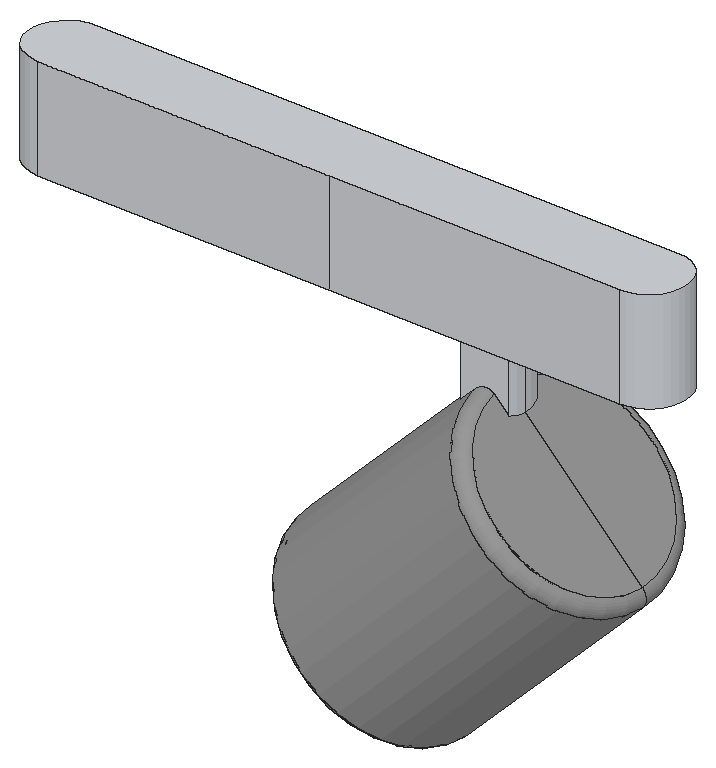
Revit family "IVLB_L4U_LF_Track Spot - EDDA S", category Lighting Fixtures, Revit 2019
Family settings
  Round Connector Dimension = Use Diameter
  Part Type = Normal
  Work Plane-Based = No
  Always vertical = No
  Cut with Voids When Loaded = No
  Light Source = No
  Shared = No
  Room Calculation Point = No
Parameters (values of type "EDDA S 1450lm_930 14W 15deg")
  ⌂ Powered by IVLibrary = "www.ivlibrary.com"
  Wattage Comments = "14W"
  URL = "https://light4u.io/product/track-luminaires/edda-s/"
  Type Comments = "Edda S"
  Track_Spot_Position_UD = 41 mm
  Track Adapter_Width = 29 mm
  Track Adapter_Length = 228 mm
  Track Adapter_Height = 30 mm
  Symbol_ToScale [instance] = not(Symbol_RealSize)  # no
  Symbol_RealSize [instance] = yes
  Switch Code [instance] = ""
  Track_Spot_Diameter = 85 mm
  Track_Spot_Length = 104 mm
  Track_Spot_Position_LR = 55 mm
  Rotation_Y-Axis [instance] = 45.00°
  Rotation_X-Axis [instance] = 0.00°
  Model = "Track Spot Edda S"
  Manufacturer = "Light4U"
  Luminaire Code = ""
  Light Source = Lightsource S : EDDA S 1450lm_930 14W 15deg_LDT
  Lamp = "LED"
  IfcExportType = "POINTSOURCE"
  IfcExportAs = "IfcLightFixtureType"
  Description = "Track Spot Edda S"
  built-in parameter 1140040 [instance] = 1
  Calc_Coupling_Length = Track_Spot_Position_UD  # 41 mm
  Assembly Code = "63.00"
  Article Number = ""
  Apparent Load = 14 VA
Types (9, lengths in mm): name | Wattage Comments | Track_Spot_Position_UD | Light Source | Calc_Coupling_Length | Apparent Load
  (no name) | "14W" | 41 | Lightsource S : EDDA S 1450lm_930 14W 15deg_LDT | 41 | 14 VA
  EDDA S 1450lm_930 14W 15deg | "14W" | 41 | Lightsource S : EDDA S 1450lm_930 14W 15deg_LDT | 41 | 14 VA
  EDDA S 1450lm_930 14W 24deg | "14W" | 41.25 | Lightsource S : EDDA S 1450lm_930 14W 24deg_LDT | 41.25 | 14 VA
  EDDA S 1450lm_930 14W 45deg | "14W" | 41.25 | Lightsource S : EDDA S 1450lm_930 14W 45deg_LDT | 41.25 | 14 VA
  EDDA S 1450lm_930 14W 55deg | "14W" | 41.25 | Lightsource S : EDDA S 1450lm_930 14W 55deg_LDT | 41.25 | 14 VA
  EDDA S 2000lm_930 18.5W 15deg | "18.5W" | 41.25 | Lightsource S : EDDA S 2000lm_930 18.5W 15deg_LDT | 41.25 | 18.5 VA
  EDDA S 2000lm_930 18.5W 24deg | "18.5W" | 41.25 | Lightsource S : EDDA S 2000lm_930 18.5W 24deg_LDT | 41.25 | 18.5 VA
  EDDA S 2000lm_930 18.5W 45deg | "18.5W" | 41.25 | Lightsource S : EDDA S 2000lm_930 18.5W 45deg_LDT | 41.25 | 18.5 VA
  EDDA S 2000lm_930 18.5W 55deg | "18.5W" | 45 | Lightsource S : EDDA S 2000lm_930 18.5W 55deg_LDT | 45 | 18.5 VA
Reference planes
  plane 1 "Center (Front/Back)": y = 0
  plane 2: z = 0
  plane 3 "Center (Left/Right)": x = 0
  plane 4: x = 0.044
Forms (mm)
  Extrusion 1, solid
    sketch origin (0, 0, 0) x (1, 0, 0) y (0, 1, 0)
      loop
        line (0, 14.5) -> (-113.956, 14.5)
        arc (-113.956, 14.5) -> (-128.456, 0) -> (-113.956, -14.5) r 14.5
        line (-113.956, -14.5) -> (0, -14.5) -> (114.044, -14.5)
        arc (114.044, -14.5) -> (128.544, 0) -> (114.044, 14.5) r 14.5
        line (114.044, 14.5) -> (0, 14.5)
    from -10 to 30
Lines and regions (mm)
  symbolic lines, visible <- "Symbol_RealSize"
    curve 1: circle (55.044, 0, 0) r 42.5 normal (0, 0, 1)
Dimensions and locks
  equal spacing: Extrusion 1 sketch curve, plane 1 "Center (Front/Back)", Extrusion 1 sketch curve
  "Track Adapter_Width": Extrusion 1 sketch curve to Extrusion 1 sketch curve
  "Track Adapter_Length": Extrusion 1 sketch curve to Extrusion 1 sketch curve
  equal spacing: Extrusion 1 sketch curve, plane 4, Extrusion 1 sketch curve
  locked: level to Extrusion 1 at 10
  "Track Adapter_Height": Extrusion 1 to level
  "Track_Spot_Position_LR": nested 2 to plane 3 "Center (Left/Right)"
  "Track_Spot_Position_LR": plane 3 "Center (Left/Right)" to nested 1
  "Track_Spot_Position_LR": plane 4 to curve 1
  "Track_Spot_Position_LR": plane 4 to nested 3
  aligned and locked: level to plane 2
  aligned and locked: level to nested 1
  aligned and locked: nested 1 to nested 2
Automatic sketch dimensions
  plane 1 "Center (Front/Back)" to curve 1 = 0 mm
  Extrusion 1 sketch curve to plane 3 "Center (Left/Right)" = 0 mm  (x2)
  radius of curve 1 = 42.5 mm
Nested families
  nested 1: "Track_360_Rotation" at (55, -0.071, 0) x (-1, 0, 0) z (0, 0, 1), Coupling_Length <- "Track_Spot_Position_UD", type "LightLine_Spot_Coupling_Rotation"
    with Coupling_Length 41 mm
  nested 2: "Track_Spot_Aim S" at (55, -0.071, -41), Length <- "Track_Spot_Length", Width <- "Track_Spot_Diameter", Rotation_Spot <- "Rotation_Y-Axis", type "Track Spot Geometry"
    with Width 85 mm, Rotation_Spot 45.00°, Rotation point no, Rotaion_Max 45.00°, Length 104 mm, Calc_Length 84 mm
  nested 3: "Ø85 Symbol" at (55.044, 0, 0) x (0, 1, 0) z (0, 0, 1), visible <- "Symbol_ToScale", type "Ø85 Symbol"
    with Orientation Arrow no
  nested 4: "Lightsource S" at (25.44, 0.012, -115.375) x (0, 1, 0) z (0.7071, 0, 0.7071), type <- "Light Source", type "EDDA S 1450lm_930 14W 15deg_LDT"
Connectors
  electrical at (0, 0, 0), driven by "Apparent Load"
    settings: index 1, voltage 230 V, apparent load 0 VA, apparent load phase1 14 VA, apparent load phase2 0 VA, apparent load phase3 0 VA, power factor 1, load classification "Other", number of poles 1, system type 31, power factor state 1, is connector primary yes, connector utility no, sub classification motor no, connector description ""
Definition of nested family "Track_360_Rotation"
  Parameters (values of type "LightLine_Spot_Coupling_Rotation")
    Rotation_Coupling = 0.00°
    Coupling_Length [instance] = 30.686 mm
  Reference planes
    plane 1 "Center (Front/Back)": y = 0
    plane 2: z = 0
    plane 3 "Center (Left/Right)": x = 0
  Lines and regions (mm)
    reference lines
      curve 1: line (0, 0, 1060) -> (205, 0, 1060)
      curve 2: line (0, 0, 0) -> (0, 0, -30.686)
  Dimensions and locks
    "Rotation_Coupling": angle plane 1 "Center (Front/Back)" to curve 1
    aligned and locked: level to plane 2
    aligned and locked: plane 3 "Center (Left/Right)" to curve 1
    aligned and locked: plane 1 "Center (Front/Back)" to curve 1
  Automatic sketch dimensions
    curve 2 to plane 3 "Center (Left/Right)" = 0 mm
    curve 2 to level = 0 mm
    curve 2 to level = 30.686 mm
  Nested families
    nested 1: "LightLine_Spot_Coupling" at (0, 0, 0) x (0, -1, 0) z (0, 0, 1), Coupling length <- "Coupling_Length", type "LightLine_Spot_Coupling"
  Definition of nested family "LightLine_Spot_Coupling"
    Parameters (values of type "LightLine_Spot_Coupling")
      Default Elevation = 1219.2 mm
      Coupling length [instance] = 30.686 mm
    Reference planes
      plane 1 "Center (Front/Back)": y = 0
      plane 2: z = 0
      plane 3 "Center (Left/Right)": x = 0
    Forms (mm)
      Extrusion 1, solid
        sketch origin (0, -9.419, 0) x (1, 0, 0) y (0, 1, 0)
          loop
            arc (0, 20) -> (-3.473, 19.696) -> (-6.84, 18.794) r 20
            line (-6.84, 18.794) -> (-6.84, -0.044)
            arc (-6.84, -0.044) -> (-3.473, -0.946) -> (0, -1.25) r 20
            arc (0, -1.25) -> (3.473, -0.946) -> (6.84, -0.044) r 20
            line (6.84, -0.044) -> (6.84, 18.794)
            arc (6.84, 18.794) -> (3.473, 19.696) -> (0, 20) r 20
        from -30.686 to 0
    Dimensions and locks
      "Coupling length": Extrusion 1 to level
      aligned and locked: level to plane 2
      aligned and locked: level to Extrusion 1
    Automatic sketch dimensions
      Extrusion 1 sketch curve to Extrusion 1 sketch curve = 0 mm  (x4)
      Extrusion 1 sketch curve to plane 3 "Center (Left/Right)" = 0 mm  (x2)
      Extrusion 1 sketch curve to plane 3 "Center (Left/Right)" = 6.84 mm
      plane 3 "Center (Left/Right)" to Extrusion 1 sketch curve = 6.84 mm
      plane 1 "Center (Front/Back)" to Extrusion 1 sketch curve = 9.463 mm
      Extrusion 1 sketch curve to Extrusion 1 sketch curve = 0.044 mm  (x2)
      Extrusion 1 sketch curve to plane 1 "Center (Front/Back)" = 9.331 mm
Definition of nested family "Track_Spot_Aim S"
  Parameters (values of type "Track Spot Geometry")
    Width [instance] = 85 mm
    Rotation_Spot [instance] = 45.00°
    Rotation point [instance] = yes
    Rotaion_Max [instance] = if(Rotation_Spot < 0.00°, 0.00°, if(Rotation_Spot > 90.00°, 90.00°, Rotation_Spot))  # 45.00°
    Length [instance] = 104 mm
    Default Elevation = 1219.2 mm
    Calc_Length [instance] = Length - 20 mm  # 84 mm
  Reference planes
    plane 1 "Center (Front/Back)": y = 0
    plane 2: z = 0
    plane 3 "Center (Left/Right)": x = 0
  Lines and regions (mm)
    reference lines
      curve 1: line (0, 0, 0) -> (28.284, 0, 28.284)
    model lines, visible <- "Rotation point"
      curve 2: circle (0, 0, 0) r 1.09 normal (0, -1, 0)
  Dimensions and locks
    "Rotaion_Max": angle curve 1 to plane 3 "Center (Left/Right)"
    aligned and locked: level to plane 2
    aligned and locked: plane 2 to curve 1
    aligned and locked: plane 3 "Center (Left/Right)" to curve 1
  Automatic sketch dimensions
    curve 2 to level = 0 mm
    curve 2 to plane 3 "Center (Left/Right)" = 0 mm
    radius of curve 2 = 1.09 mm
  Nested families
    nested 1: "Track Spot" at (30.005, 0, -14.497) x (0.7071, 0, -0.7071) z (0.7071, 0, 0.7071), Length <- "Length", Width <- "Width", type "Track Spot"
      with Width 85 mm, Length 104 mm, Calc_Width 42.5 mm, Calc_LED 81.802 mm, Calc_Arc_Reflector 22.198 mm, Calc_Arc 22.998 mm
  Definition of nested family "Track Spot"
    Parameters (values of type "Track Spot")
      Calc_LED [instance] = Length - Calc_Arc_Reflector  # 81.802 mm
      Calc_Arc_Reflector [instance] = Calc_Arc - 0.8 mm  # 22.198 mm
      Calc_Arc [instance] = 22.998 mm
      Width [instance] = 85 mm
      Material_Reflector = none
      Material_Profile = none
      Length [instance] = 104 mm
      Default Elevation = 1219.2 mm
      Calc_Width [instance] = Width / 2  # 42.5 mm
    Reference planes
      plane 1 "Center (Front/Back)": y = 0
      plane 2: z = 0
      plane 3 "Center (Left/Right)": x = 0
      plane 4: z = -104
      plane 5: x = 42.5
      plane 6: x = 42.5
      plane 7: x = -42.5
      plane 8: x = 41.019
      plane 9: z = -104
    Forms (mm)
      Revolve 1, solid, material <- "Material_Profile"
        sketch origin (0, 0, 0) x (1, 0, 0) y (0, 0, 1)
          loop
            arc (42.5, -5) -> (41.036, -1.464) -> (37.5, 0) r 5
            line (37.5, 0) -> (0, 0) -> (0, -81.002)
            arc (0, -81.002) -> (23.28, -86.803) -> (41.116, -102.849) r 49.614
            arc (41.116, -102.849) -> (41.541, -103.97) -> (42.5, -103.25) r 0.75
            line (42.5, -103.25) -> (42.5, -5)
          axis (0, 0) -> (0, -103.25)
        angle from 0 to 360
      Revolve 2, solid, material <- "Material_Reflector"
        sketch origin (0, 0, 0) x (1, 0, 0) y (0, 0, 1)
          loop
            arc (0, -81.802) -> (23.32, -87.708) -> (41.019, -104) r 48.998
            line (41.019, -104) -> (41.655, -103.515)
            arc (41.655, -103.515) -> (23.674, -86.992) -> (0, -81.004) r 49.796
            line (0, -81.004) -> (0, -81.802)
          axis (0, -81.004) -> (0, -104)
        angle from 0 to 360
      Revolve 3, solid
        sketch origin (0, 0, 0) x (1, 0, 0) y (0, 0, 1)
          loop
            line (-10, -84.302) -> (0, -84.302) -> (0, -81.802) -> (-10, -81.802) -> (-10, -84.302)
          axis (0, -81.802) -> (0, -84.302)
        angle from 0 to 360
    Lines and regions (mm)
      reference lines
        curve 1: line (70, 0, 0) -> (-80, 0, 0)
        curve 2: line (34.256, 0, -11.177) -> (29.256, 0, -11.177)
        curve 3: line (31.756, 0, -8.808) -> (31.756, 0, -13.808)
        curve 6: line (-34.256, 0, -11.177) -> (-29.256, 0, -11.177)
        curve 7: line (-31.756, 0, -8.808) -> (-31.756, 0, -13.808)
        curve 8: circle (31.756, 0, -11.177) r 2.5 normal (0, -1, 0)
        curve 10: circle (-31.756, 0, -11.177) r 2.5 normal (0, 1, 0)
      reference lines, not visible
        curve 4: line (38.256, 0, -5.177) -> (33.256, 0, -5.177)
        curve 5: line (35.756, 0, -2.808) -> (35.756, 0, -7.808)
        curve 9: circle (35.756, 0, -5.177) r 2.5 normal (0, -1, 0)
    Dimensions and locks
      "Calc_Width": plane 3 "Center (Left/Right)" to plane 5
      "Length": level to plane 4
      locked: Revolve 1 sketch curve to Revolve 1 sketch curve at 1.441
      equal spacing: plane 6, plane 3 "Center (Left/Right)", plane 7
      "Calc_Width": plane 6 to plane 3 "Center (Left/Right)"
      locked: plane 8 to plane 6 at 1.481
      "Length": level to Revolve 2 sketch curve
      locked: Revolve 2 sketch curve to Revolve 2 sketch curve at 0.8
      "Calc_Arc": Revolve 1 sketch curve to plane 4
      "Length": level to plane 9
      locked: Revolve 2 sketch curve to Revolve 2 sketch curve at 0.798
      "Calc_Arc_Reflector": Revolve 2 sketch curve to plane 9
      locked: curve 3 to plane 6 at 10.744
      locked: level to curve 2 at 11.177
      locked: curve 7 to plane 7 at 10.744
      locked: level to curve 6 at 11.177
      plane 3 "Center (Left/Right)" to Revolve 3 sketch curve = 10 mm
      locked: Revolve 3 sketch curve to Revolve 3 sketch curve at 2.5
      "Calc_LED": plane 2 to Revolve 3 sketch curve
      aligned and locked: level to plane 2
      aligned and locked: level to Revolve 1 sketch curve
      aligned and locked: Revolve 1 sketch curve to plane 5
      aligned and locked: plane 8 to Revolve 2 sketch curve
    Automatic sketch dimensions
      curve 1 to level = 0 mm
      plane 7 to curve 1 = 37.5 mm
      plane 6 to curve 1 = 27.5 mm
      Revolve 1 sketch curve to plane 3 "Center (Left/Right)" = 0 mm  (x2)
      Revolve 1 sketch curve to plane 5 = 5 mm
      Revolve 1 sketch curve to plane 5 = 0.75 mm
      plane 4 to Revolve 1 sketch curve = 0.75 mm
      Revolve 1 sketch curve to Revolve 1 sketch curve = 170.397 mm
      level to Revolve 1 sketch curve = 2214.315 mm
      Revolve 2 sketch curve to Revolve 2 sketch curve = 0 mm  (x2)
      Revolve 2 sketch curve to plane 3 "Center (Left/Right)" = 0 mm  (x2)
      Revolve 2 sketch curve to Revolve 2 sketch curve = 236.408 mm
      level to Revolve 2 sketch curve = 2214.315 mm
      Revolve 3 sketch curve to plane 3 "Center (Left/Right)" = 0 mm  (x2)
      Revolve 3 sketch curve to plane 3 "Center (Left/Right)" = 10 mm
      Revolve 3 sketch curve to Revolve 3 sketch curve = 285.03 mm
      level to Revolve 3 sketch curve = 2214.315 mm
      radius of curve 8 = 2.5 mm
      radius of curve 9 = 2.5 mm
      radius of curve 10 = 2.5 mm
Definition of nested family "Ø85 Symbol"
  Parameters (values of type "Ø85 Symbol")
    Orientation Arrow [instance] = no
  Reference planes
    plane 1: y = 0
    plane 2: x = 0
  Lines and regions (mm)
    detail lines
      curve 1: circle (0, 0, 0) r 0.425 normal (0, 0, 1)
    detail lines, visible <- "Orientation Arrow"
      curve 2: line (0, 0.593, 0) -> (0, 1.193, 0)
      curve 3: line (0, 1.193, 0) -> (-0.112, 1.027, 0)
      curve 4: line (0, 1.193, 0) -> (0.112, 1.027, 0)
    reference lines
      curve 5: line (0, 0, 0) -> (0, -1.011, 0)
Definition of nested family "Lightsource S"
  Parameters (values of type "EDDA S 2000lm_930 18.5W 55deg_LDT")
    Wattage Comments = "18 W"
    Wattage = 9.2903 W
    built-in parameter 1150110 = 1 (stored number, unit not read)
    built-in parameter 1114217 = 1 (stored number, unit not read)
    Tilt Angle = 90.00°
    built-in parameter 1150109 = 1 (stored number, unit not read)
    built-in parameter 1150134 = 12
    built-in parameter 1150113 = 1 (stored number, unit not read)
    Reference Line [instance] = yes
    Photometric Web File = "EDDA S 2000lm_930 18.5W 55deg_LDT.ies"
    built-in parameter 1150105 = 109.82 (stored number, unit not read)
    Lumens = 1380 lm
    built-in parameter 1150115 = 1 (stored number, unit not read)
    built-in parameter 1150137 = (empty or 0)
    built-in parameter 1150139 = (empty or 0)
    built-in parameter 1150112 = 1 (stored number, unit not read)
    built-in parameter 1150114 = 1 (stored number, unit not read)
    built-in parameter 1150132 = 2
    built-in parameter 1150102 = (empty or 0)
    built-in parameter 1150107 = 4000 (stored number, unit not read)
    built-in parameter 1150138 = (empty or 0)
    built-in parameter 1150106 = 1.0982 (stored number, unit not read)
    built-in parameter 1150104 = 13.8 (stored number, unit not read)
    Dimming Lamp Color Temperature Shift = (empty or 0)
    Default Elevation = 1219.2 mm
    Color Filter = 16777215
    built-in parameter 1114218 = 1 (stored number, unit not read)
    built-in parameter 1150133 = 10 (stored number, unit not read)
    Apparent Load = 18 VA
  Types (10, lengths in mm): name | Wattage Comments | built-in parameter 1150134 | Photometric Web File | built-in parameter 1150132 | built-in parameter 1150107 | Apparent Load
    EDDA S 1450lm_930 14W 15deg_LDT | "14 W" | 12 | "EDDA S 1450lm_930 14W 15deg_LDT.ies" | 2 | 4000 (stored number, unit not read) | 14 VA
    EDDA S 1450lm_930 14W 24deg_LDT | "14 W" | 12 | "EDDA S 1450lm_930 14W 24deg_LDT.ies" | 2 | 4000 (stored number, unit not read) | 14 VA
    EDDA S 1450lm_930 14W 45deg_LDT | "14 W" | 12 | "EDDA S 1450lm_930 14W 45deg_LDT.ies" | 2 | 4000 (stored number, unit not read) | 14 VA
    EDDA S 1450lm_930 14W 55deg_LDT | "14 W" | 12 | "EDDA S 1450lm_930 14W 55deg_LDT.ies" | 2 | 4000 (stored number, unit not read) | 14 VA
    EDDA S 2000lm_930 18.5W 15deg_LDT | "18 W" | 12 | "EDDA S 2000lm_930 18.5W 15deg_LDT.ies" | 2 | 4000 (stored number, unit not read) | 18 VA
    EDDA S 2000lm_930 18.5W 24deg_LDT | "18 W" | 12 | "EDDA S 2000lm_930 18.5W 24deg_LDT.ies" | 2 | 4000 (stored number, unit not read) | 18 VA
    EDDA S 2000lm_930 18.5W 45deg_LDT | "18 W" | 12 | "EDDA S 2000lm_930 18.5W 45deg_LDT.ies" | 2 | 4000 (stored number, unit not read) | 18 VA
    EDDA S 2000lm_930 18.5W 55deg_LDT | "18 W" | 12 | "EDDA S 2000lm_930 18.5W 55deg_LDT.ies" | 2 | 4000 (stored number, unit not read) | 18 VA
    4000K | "18 W" | 12 | "PDNA-Spot-Fo-Single.840.36F_VEKOFocusSpotSingle4000KFixed-4814_LDT.ies" | (empty or 0) | 4000 (stored number, unit not read) | 18 VA
    3000K | "18 W" | (empty or 0) | "PDNA-Spot-Fo-Single.830.36F_VEKOFocusSpotSingle3000KFixed-4804_LDT.ies" | (empty or 0) | 3000 (stored number, unit not read) | 18 VA
  Reference planes
    plane 1 "Center (Front/Back)": y = 0
    plane 2: z = 0
    plane 3 "Center (Left/Right)": x = 0
  Lines and regions (mm)
    reference lines
      curve 1: line (-60, 0, 0) -> (60, 0, 0)
      curve 2: line (0, 0, 0) -> (0, 0, -80)
  Dimensions and locks
    aligned and locked: level to plane 2
